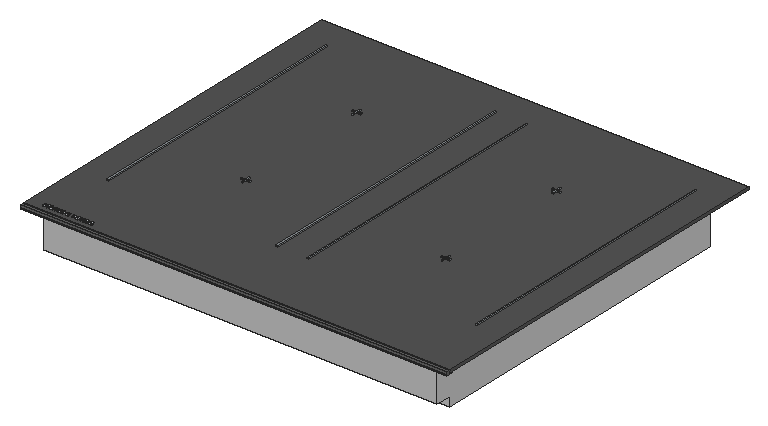
Revit family "FP_Revit_18_CI244DTB4_Cooktop_90000838A", category Specialty Equipment, Revit 2018
Family settings
  Round Connector Dimension = Use Diameter
  Part Type = Normal
  OmniClass Number = 23.40.40.14.17.11
  OmniClass Title = Cookers, Ovens, Stoves
  Work Plane-Based = No
  Always vertical = Yes
  Cut with Voids When Loaded = Yes
  Shared = No
  Room Calculation Point = No
Parameters
  Visibility - Clearance Required = yes
  URL = "www.fisherpaykel.com"
  Product - Width = 599 mm  # constant formula
  Product - Height = 99 mm  # constant formula
  Product - Depth = 530 mm  # constant formula
  Model = "CI244DTB4"
  Material - Trim = Fisher & Paykel - Aluminium, Dark
  Material - Graphics = Fisher & Paykel - Graphics Grey
  Material - Cooktop = Fisher & Paykel - Glass, Black
  Material - Body = Fisher & Paykel - Grey
  Manufacturer = "Fisher & Paykel Appliances"
  FFL Offset [instance] = 915 mm
  Description = "24\" Induction Cooktop"
  Connector Note - Electrical = "208 or 240 V, 26 A or 30 A, 60 Hz,"
  Clearance - Side Combustible = 30 mm  # constant formula
  Clearance - Rear Combustible = 30 mm  # constant formula
  Clearance - Overhead Rangehood = 650 mm  # constant formula
  Clearance - Overhead Non-Combustible = 610 mm  # constant formula
  Clearance - Overhead Combustible = 762 mm  # constant formula
  Clearance - Below = 65 mm  # constant formula
  Chassis - Width = 552 mm  # constant formula
  Chassis - Height = 62 mm  # constant formula
  Chassis - Depth = 480 mm  # constant formula
  Cavity - Width = 560 mm  # constant formula
  Cavity - Height = 62 mm  # constant formula
  Cavity - Depth = 490 mm  # constant formula
Reference planes
  plane 1 "Datum": y = 0
  plane 2: z = 0
  plane 3 "Center (Left/Right)": x = 0
  plane 4 "Product LHS": x = -299.5
  plane 5 "Product RHS": x = 299.5
  plane 6 "Product - Depth": y = 530
  plane 7 "Cavity LHS": x = -280
  plane 8 "Cavity RHS": x = 280
  plane 9 "Chassis - Front": y = 12.2
  plane 10 "Cavity - Front": y = 7.2
  plane 11 "Cavity - Depth": y = 497.2
  plane 12 "Chassis - Depth": y = 492.2
  plane 13 "Basepan": z = 853
  plane 14 "Countertop": z = 915
  plane 15 "Glass": z = 920
Forms (mm)
  Extrusion 1, solid, material "Fisher & Paykel - Glass, Black" <- "Material - Cooktop"
    sketch origin (0, 0, 0) x (0, 1, 0) y (0, 0, 1)
      loop
        line (5.299, 920) -> (5.299, 916) -> (530, 916) -> (530, 920) -> (5.299, 920)
    from -299.5 to 299.5
  Extrusion 2, solid, material "Fisher & Paykel - Aluminium, Dark" <- "Material - Trim", detail levels fine
    sketch origin (0, 0, 0) x (0, 1, 0) y (0, 0, 1)
      loop
        line (5.299, 920) -> (0.45, 920) -> (0, 916.5) -> (0, 915) -> (8.39, 915) -> (8.39, 916) -> (5.299, 916) -> (5.299, 920)
    from -299.5 to 299.5
  Extrusion 3, solid, material "Fisher & Paykel - Clearance Required (Cutout)", visible <- "Visibility - Clearance Required", detail levels coarse
    sketch origin (0, 0, 0) x (1, 0, 0) y (0, 1, 0)
      loop
        line (-280, 497.2) -> (-280, 7.2) -> (280, 7.2) -> (280, 497.2) -> (-280, 497.2)
    from 853 to 915
  Extrusion 4, solid, material "Fisher & Paykel - Aluminium, Dark" <- "Material - Trim", detail levels coarse+medium
    sketch origin (0, 0, 0) x (0, 1, 0) y (0, 0, 1)
      loop
        line (5.299, 920) -> (0, 920) -> (0, 915) -> (5.299, 915) -> (5.299, 920)
    from -299.5 to 299.5
  Extrusion 5, solid, material "Fisher & Paykel - Clearance Required (Combustible)", visible <- "Visibility - Clearance Required", detail levels coarse
    sketch origin (0, 0, 0) x (1, 0, 0) y (0, 1, 0)
      loop
        line (299.5, 0) -> (310, 0) -> (310, 538.387) -> (-310, 538.387) -> (-310, 0) -> (-299.5, 0) -> (-299.5, 530) -> (299.5, 530) -> (299.5, 0)
    from 920 to 1682
  Extrusion 6, solid, material "Fisher & Paykel - Clearance Required (Non-Combustible)", visible <- "Visibility - Clearance Required", detail levels coarse
    sketch origin (0, 0, 0) x (1, 0, 0) y (0, 1, 0)
      loop
        line (-299.5, 0) -> (299.5, 0) -> (299.5, 530) -> (-299.5, 530) -> (-299.5, 0)
    from 920 to 1530
  Extrusion 7, solid, material "Fisher & Paykel - Clearance Required (Rangehood)", visible <- "Visibility - Clearance Required", detail levels coarse
    sketch origin (0, 0, 0) x (1, 0, 0) y (0, 1, 0)
      loop
        line (-299.5, 530) -> (-299.5, 0) -> (299.5, 0) -> (299.5, 530) -> (-299.5, 530)
    from 1530 to 1570
  Extrusion 8, solid, material "Fisher & Paykel - Clearance Required", visible <- "Visibility - Clearance Required", detail levels coarse
    sketch origin (0, 0, 0) x (1, 0, 0) y (0, 1, 0)
      loop
        line (-280, 7.2) -> (280, 7.2) -> (280, 497.2) -> (-280, 497.2) -> (-280, 7.2)
    from 788 to 853
  Extrusion 9, solid, material "Fisher & Paykel - Grey" <- "Material - Body"
    sketch origin (0, 0, 0) x (0, 1, 0) y (0, 0, 1)
      loop
        line (34.2, 865.8) -> (34.2, 853) -> (492.2, 853) -> (492.2, 915) -> (12.2, 915) -> (12.2, 865.8) -> (34.2, 865.8)
    from -276 to 276
  Extrusion 10, solid, material "Fisher & Paykel - Grey" <- "Material - Body"
    sketch origin (0, 0, 0) x (1, 0, 0) y (0, 1, 0)
      loop
        line (-290, 520.2) -> (-290, 8.39) -> (290, 8.39) -> (290, 520.2) -> (-290, 520.2)
    from 915 to 916
  Extrusion 11, solid, material "Fisher & Paykel - Graphics Grey" <- "Material - Graphics", detail levels fine
    sketch origin (0, 0, 0) x (1, 0, 0) y (0, 1, 0)
      loop
        line (-260.343, 487.163) -> (-260.343, 103.245) -> (-258.143, 103.245) -> (-258.143, 487.163) -> (-260.343, 487.163)
      loop
        line (257.988, 487.432) -> (257.988, 103.245) -> (260.188, 103.245) -> (260.188, 487.432) -> (257.988, 487.432)
      loop
        line (22.728, 103.245) -> (22.728, 487.432) -> (20.728, 487.432) -> (20.728, 103.245) -> (22.728, 103.245)
      loop
        line (-20.643, 487.432) -> (-22.842, 487.432) -> (-22.842, 103.245) -> (-20.643, 103.245) -> (-20.643, 487.432)
      loop
        line (-141.406, 397.825) -> (-141.406, 392.659) -> (-146.572, 392.659) -> (-146.572, 390.691) -> (-141.406, 390.691) -> (-141.406, 385.525) -> (-139.438, 385.525) -> (-139.438, 390.691) -> (-134.272, 390.691) -> (-134.272, 392.659) -> (-139.438, 392.659) -> (-139.438, 397.825) -> (-141.406, 397.825)
      loop
        line (-141.406, 203.81) -> (-141.406, 198.644) -> (-146.572, 198.644) -> (-146.572, 196.676) -> (-141.406, 196.676) -> (-141.406, 191.51) -> (-139.438, 191.51) -> (-139.438, 196.676) -> (-134.272, 196.676) -> (-134.272, 198.644) -> (-139.438, 198.644) -> (-139.438, 203.81) -> (-141.406, 203.81)
      loop
        line (141.406, 397.825) -> (139.438, 397.825) -> (139.438, 392.659) -> (134.272, 392.659) -> (134.272, 390.691) -> (139.438, 390.691) -> (139.438, 385.525) -> (141.406, 385.525) -> (141.406, 390.691) -> (146.572, 390.691) -> (146.572, 392.659) -> (141.406, 392.659) -> (141.406, 397.825)
      loop
        line (141.406, 203.81) -> (139.438, 203.81) -> (139.438, 198.644) -> (134.272, 198.644) -> (134.272, 196.676) -> (139.438, 196.676) -> (139.438, 191.51) -> (141.406, 191.51) -> (141.406, 196.676) -> (146.572, 196.676) -> (146.572, 198.644) -> (141.406, 198.644) -> (141.406, 203.81)
    from 920 to 921
  Extrusion 12, solid, material "Fisher & Paykel - Clearance Required (Combustible)", visible <- "Visibility - Clearance Required", detail levels coarse
    sketch origin (0, 0, 0) x (1, 0, 0) y (0, 1, 0)
      loop
        line (-299.5, 530) -> (-299.5, 0) -> (299.5, 0) -> (299.5, 530) -> (-299.5, 530)
    from 1570 to 1682
  Extrusion 13, void
    sketch origin (0, 0, 0) x (1, 0, 0) y (0, 1, 0)
      loop
        line (-280, 7.2) -> (280, 7.2) -> (280, 497.2) -> (-280, 497.2) -> (-280, 7.2)
    from 788 to 915
Text (mm)
  text "Due to ongoing product development, product details are subject to change without notice. \nPlease always refer to www.fisherpaykel.com for the most current product information. \n© Fisher & Paykel 2020" at (41.04, -387.478, 0), in view "Ref. Level (Plan)"
Dimensions and locks
  equal spacing: plane 4 "Product LHS", plane 3 "Center (Left/Right)", plane 5 "Product RHS"
  "Product - Width": plane 4 "Product LHS" to plane 5 "Product RHS"
  equal spacing: plane 7 "Cavity LHS", plane 3 "Center (Left/Right)", plane 8 "Cavity RHS"
  "Cavity - Width": plane 7 "Cavity LHS" to plane 8 "Cavity RHS"
  "Product - Depth": Extrusion 1 to plane 1 "Datum"
  equal spacing: Extrusion 9, plane 3 "Center (Left/Right)", Extrusion 9
  "Chassis - Width": Extrusion 9 to Extrusion 9
  "Clearance - Side Combustible": plane 8 "Cavity RHS" to Extrusion 5
  "Clearance - Side Combustible": Extrusion 5 to plane 7 "Cavity LHS"
  plane 1 "Datum" to plane 9 "Chassis - Front" = 12.2 mm
  plane 10 "Cavity - Front" to plane 9 "Chassis - Front" = 5 mm
  "Cavity - Depth": plane 11 "Cavity - Depth" to plane 10 "Cavity - Front"
  "Chassis - Depth": plane 12 "Chassis - Depth" to plane 9 "Chassis - Front"
  equal spacing: Extrusion 10 sketch curve, plane 3 "Center (Left/Right)", Extrusion 10 sketch curve
  plane 4 "Product LHS" to Extrusion 10 sketch curve = 9.5 mm
  locked: plane 15 "Glass" to plane 14 "Countertop" at 5
  "Chassis - Height": plane 14 "Countertop" to plane 13 "Basepan"
  "FFL Offset": plane 14 "Countertop" to level
  "Clearance - Overhead Non-Combustible": plane 15 "Glass" to Extrusion 7
  "Clearance - Overhead Rangehood": Extrusion 7 to plane 15 "Glass"
  "Clearance - Overhead Combustible": Extrusion 5 to plane 15 "Glass"
  "Cavity - Height": plane 14 "Countertop" to Extrusion 8
  "Clearance - Below": Extrusion 8 to Extrusion 8
  locked: Extrusion 1 sketch curve to plane 14 "Countertop" at 1
  locked: Extrusion 11 to plane 15 "Glass" at 1
  locked: plane 13 "Basepan" to nested 2 at 13
  locked: nested 1 to plane 15 "Glass" at 0.8
  aligned and locked: level to plane 2
  aligned and locked: Extrusion 1 to plane 5 "Product RHS"
  aligned and locked: Extrusion 1 to plane 4 "Product LHS"
  aligned and locked: Extrusion 2 to plane 5 "Product RHS"
  aligned and locked: Extrusion 7 to Extrusion 6
  aligned and locked: plane 4 "Product LHS" to Extrusion 4
  aligned and locked: Extrusion 4 to plane 5 "Product RHS"
  aligned and locked: Extrusion 4 to Extrusion 1
  aligned and locked: Extrusion 1 to Extrusion 4  (x2)
  aligned and locked: Extrusion 5 sketch curve to plane 5 "Product RHS"
  aligned and locked: plane 11 "Cavity - Depth" to Extrusion 3
  aligned and locked: Extrusion 3 to Extrusion 8
  aligned and locked: Extrusion 8 to Extrusion 3  (x2)
  aligned and locked: plane 10 "Cavity - Front" to Extrusion 8
  aligned and locked: plane 4 "Product LHS" to Extrusion 2
  aligned and locked: Extrusion 6 to plane 15 "Glass"
  aligned and locked: Extrusion 5 to Extrusion 6
  aligned and locked: Extrusion 12 to Extrusion 7
  aligned and locked: Extrusion 5 to Extrusion 12
  aligned and locked: plane 14 "Countertop" to Extrusion 3
  aligned and locked: plane 14 "Countertop" to Extrusion 9 sketch curve
  aligned and locked: Extrusion 9 sketch curve to plane 13 "Basepan"
  aligned and locked: Extrusion 1 sketch curve to plane 15 "Glass"
  aligned and locked: Extrusion 11 to Extrusion 1
  aligned and locked: Extrusion 10 to Extrusion 1
  aligned and locked: Extrusion 10 to Extrusion 3
  aligned and locked: Extrusion 4 to Extrusion 2
  aligned and locked: Extrusion 2 to Extrusion 1
  aligned and locked: Extrusion 2 to Extrusion 3
  aligned and locked: Extrusion 1 to Extrusion 2
  aligned and locked: Extrusion 13 to Extrusion 3
  aligned and locked: Extrusion 13 to Extrusion 8
Automatic sketch dimensions
  Extrusion 1 sketch curve to plane 6 "Product - Depth" = 0 mm
  plane 10 "Cavity - Front" to Extrusion 1 sketch curve = 1.901 mm
  Extrusion 2 sketch curve to plane 1 "Datum" = 0 mm
  Extrusion 2 sketch curve to plane 15 "Glass" = 0 mm
  Extrusion 2 sketch curve to plane 14 "Countertop" = 0 mm
  Extrusion 2 sketch curve to plane 1 "Datum" = 0.45 mm
  plane 10 "Cavity - Front" to Extrusion 2 sketch curve = 1.901 mm
  Extrusion 2 sketch curve to plane 10 "Cavity - Front" = 1.19 mm
  Extrusion 2 sketch curve to Extrusion 2 sketch curve = 1 mm
  Extrusion 2 sketch curve to Extrusion 2 sketch curve = 1.5 mm
  plane 10 "Cavity - Front" to Extrusion 3 sketch curve = 0 mm
  Extrusion 3 sketch curve to plane 11 "Cavity - Depth" = 0 mm
  plane 7 "Cavity LHS" to Extrusion 3 sketch curve = 0 mm
  Extrusion 3 sketch curve to plane 8 "Cavity RHS" = 0 mm
  Extrusion 4 sketch curve to plane 1 "Datum" = 0 mm
  Extrusion 4 sketch curve to plane 14 "Countertop" = 0 mm
  Extrusion 4 sketch curve to plane 15 "Glass" = 0 mm
  plane 10 "Cavity - Front" to Extrusion 4 sketch curve = 1.901 mm
  plane 1 "Datum" to Extrusion 5 sketch curve = 0 mm  (x2)
  Extrusion 5 sketch curve to plane 4 "Product LHS" = 0 mm
  Extrusion 5 sketch curve to plane 6 "Product - Depth" = 0 mm
  plane 4 "Product LHS" to Extrusion 5 sketch curve = 10.5 mm
  Extrusion 5 sketch curve to plane 5 "Product RHS" = 10.5 mm
  plane 6 "Product - Depth" to Extrusion 5 sketch curve = 8.387 mm
  Extrusion 6 sketch curve to plane 4 "Product LHS" = 0 mm
  Extrusion 6 sketch curve to plane 5 "Product RHS" = 0 mm
  plane 1 "Datum" to Extrusion 6 sketch curve = 0 mm
  Extrusion 6 sketch curve to plane 6 "Product - Depth" = 0 mm
  plane 1 "Datum" to Extrusion 7 sketch curve = 0 mm
  Extrusion 7 sketch curve to plane 4 "Product LHS" = 0 mm
  Extrusion 7 sketch curve to plane 5 "Product RHS" = 0 mm
  Extrusion 7 sketch curve to plane 6 "Product - Depth" = 0 mm
  Extrusion 8 sketch curve to plane 11 "Cavity - Depth" = 0 mm
  plane 10 "Cavity - Front" to Extrusion 8 sketch curve = 0 mm
  plane 7 "Cavity LHS" to Extrusion 8 sketch curve = 0 mm
  Extrusion 8 sketch curve to plane 8 "Cavity RHS" = 0 mm
  Extrusion 9 sketch curve to plane 9 "Chassis - Front" = 0 mm
  Extrusion 9 sketch curve to plane 12 "Chassis - Depth" = 0 mm
  Extrusion 9 sketch curve to plane 9 "Chassis - Front" = 22 mm
  Extrusion 9 sketch curve to Extrusion 9 sketch curve = 12.8 mm
  Extrusion 10 sketch curve to plane 10 "Cavity - Front" = 1.19 mm
  Extrusion 10 sketch curve to plane 6 "Product - Depth" = 9.8 mm
  Extrusion 11 sketch curve to plane 7 "Cavity LHS" = 19.657 mm
  Extrusion 11 sketch curve to Extrusion 11 sketch curve = 2.2 mm  (x3)
  Extrusion 11 sketch curve to plane 7 "Cavity LHS" = 133.428 mm  (x2)
  Extrusion 11 sketch curve to Extrusion 11 sketch curve = 5.166 mm  (x16)
  Extrusion 11 sketch curve to Extrusion 11 sketch curve = 0 mm  (x10)
  Extrusion 11 sketch curve to Extrusion 11 sketch curve = 1.968 mm  (x15)
  Extrusion 11 sketch curve to plane 12 "Chassis - Depth" = 4.768 mm  (x3)
  Extrusion 11 sketch curve to plane 3 "Center (Left/Right)" = 22.842 mm
  plane 3 "Center (Left/Right)" to Extrusion 11 sketch curve = 20.728 mm
  Extrusion 11 sketch curve to Extrusion 11 sketch curve = 2 mm
  plane 3 "Center (Left/Right)" to Extrusion 11 sketch curve = 134.272 mm  (x2)
  plane 8 "Cavity RHS" to Extrusion 11 sketch curve = 22.012 mm
  Extrusion 11 sketch curve to plane 12 "Chassis - Depth" = 5.037 mm
  Extrusion 11 sketch curve to plane 12 "Chassis - Depth" = 94.375 mm  (x2)
  Extrusion 11 sketch curve to Extrusion 11 sketch curve = 181.715 mm  (x2)
  Extrusion 11 sketch curve to plane 9 "Chassis - Front" = 91.045 mm  (x3)
  plane 1 "Datum" to Extrusion 12 sketch curve = 0 mm
  Extrusion 12 sketch curve to plane 4 "Product LHS" = 0 mm
  Extrusion 12 sketch curve to plane 5 "Product RHS" = 0 mm
  Extrusion 12 sketch curve to plane 6 "Product - Depth" = 0 mm
  Extrusion 13 sketch curve to plane 11 "Cavity - Depth" = 0 mm
  plane 10 "Cavity - Front" to Extrusion 13 sketch curve = 0 mm
  plane 7 "Cavity LHS" to Extrusion 13 sketch curve = 0 mm
  Extrusion 13 sketch curve to plane 8 "Cavity RHS" = 0 mm
Nested families
  nested 1: "F&P Logo 70mm Horizontal" at (-244.001, 14.253, 920), type "F&P Logo 70mm Horizontal"
  nested 2: "F&P Power Connection Cooktop" at (202.001, 168.301, 915) x (0.7071, -0.7071, 0) z (0, 0, 1), type "F&P Power Connection Cooktop"
Connectors
  electrical at (124.869, 147.737, 832.8), driven by "Connector Note - Electrical"
    settings: on nested 2, index 2, voltage 120 V, apparent load 0 VA, apparent load phase1 0 VA, apparent load phase2 0 VA, apparent load phase3 0 VA, power factor 1, load classification "Other", number of poles 2, system type 30, power factor state 1, is connector primary yes, connector utility no, sub classification motor no, connector description "208 or 240 V, 26 A or 30 A, 60 Hz,"
Definition of nested family "F&P Logo 70mm Horizontal"
  Parameters (values of type "F&P Logo 70mm Horizontal")
    URL = "www.fisherpaykel.com"
    Material - Logo = none
    Manufacturer = "Fisher & Paykel Appliances"
  Reference planes
    plane 1 "Center (Front/Back)": y = 0
    plane 2: z = 0
    plane 3 "Center (Left/Right)": x = 0
  Forms (mm)
    Extrusion 1, solid, material <- "Material - Logo", detail levels fine
      sketch origin (0, 0, 0) x (1, 0, 0) y (0, 1, 0)
        loop
          line (-34.997, -0.356) -> (-33.895, -0.356) -> (-33.895, 1.141) -> (-32.174, 1.141) -> (-32.174, 2.075) -> (-33.895, 2.075) -> (-33.895, 2.943) -> (-32.023, 2.943) -> (-32.023, 3.872) -> (-34.997, 3.872) -> (-34.997, -0.356)
        loop
          line (-29.929, 3.872) -> (-29.929, -0.356) -> (-28.828, -0.356) -> (-28.828, 3.872) -> (-29.929, 3.872)
        loop
          line (-21.473, 3.872) -> (-21.473, -0.356) -> (-20.372, -0.356) -> (-20.372, 1.338) -> (-18.754, 1.338) -> (-18.754, -0.356) -> (-17.652, -0.356) -> (-17.652, 3.872) -> (-18.754, 3.872) -> (-18.754, 2.268) -> (-20.372, 2.268) -> (-20.372, 3.872) -> (-21.473, 3.872)
        loop
          line (-15.301, 3.872) -> (-15.301, -0.356) -> (-12.288, -0.356) -> (-12.288, 0.444) -> (-14.209, 0.444) -> (-14.209, 1.338) -> (-12.453, 1.338) -> (-12.453, 2.268) -> (-14.209, 2.268) -> (-14.209, 3.072) -> (-12.288, 3.072) -> (-12.288, 3.872) -> (-15.301, 3.872)
        loop
          line (32, 3.872) -> (32, -0.356) -> (35.003, -0.356) -> (35.003, 0.574) -> (33.102, 0.574) -> (33.102, 3.872) -> (32, 3.872)
        loop
          line (29.735, 3.872) -> (26.712, 3.872) -> (26.712, -0.356) -> (29.735, -0.356) -> (29.735, 0.444) -> (27.814, 0.444) -> (27.814, 1.338) -> (29.57, 1.338) -> (29.57, 2.268) -> (27.814, 2.268) -> (27.814, 3.072) -> (29.735, 3.072) -> (29.735, 3.872)
        loop
          line (23.449, 1.848) -> (25.012, 3.872) -> (23.724, 3.872) -> (22.374, 2.124) -> (22.374, 3.872) -> (21.273, 3.872) -> (21.273, -0.356) -> (22.374, -0.356) -> (22.374, 1.538) -> (23.765, -0.356) -> (25.067, -0.356) -> (23.449, 1.848)
        loop
          line (15.42, 3.872) -> (17.017, 1.338) -> (17.017, -0.356) -> (18.119, -0.356) -> (18.119, 1.283) -> (19.717, 3.872) -> (18.546, 3.872) -> (17.603, 2.239) -> (16.66, 3.872) -> (15.42, 3.872)
        loop
          line (12.969, 3.872) -> (11.922, 3.872) -> (10.2, -0.356) -> (11.282, -0.356) -> (11.585, 0.422) -> (13.278, 0.422) -> (13.581, -0.356) -> (14.69, -0.356) -> (12.969, 3.872)
        loop
          line (12.913, 1.352) -> (12.419, 2.566) -> (11.946, 1.352) -> (12.913, 1.352)
        loop
          line (5.556, 3.872) -> (5.556, -0.356) -> (6.653, -0.356) -> (6.653, 1.001) -> (7.453, 1.001)
          spline (7.453, 1.001) -> (7.884, 1.05) -> (8.285, 1.193) -> (8.63, 1.421) -> (8.895, 1.719) -> (9.061, 2.065) -> (9.118, 2.436) -> (9.061, 2.808) -> (8.895, 3.154) -> (8.63, 3.452) -> (8.285, 3.68) -> (7.884, 3.823) -> (7.453, 3.872)
          line (7.453, 3.872) -> (5.556, 3.872)
        loop
          spline (7.385, 1.882) -> (7.558, 1.9) -> (7.72, 1.953) -> (7.858, 2.037) -> (7.965, 2.147) -> (8.032, 2.275) -> (8.055, 2.412) -> (8.032, 2.55) -> (7.965, 2.677) -> (7.858, 2.787) -> (7.72, 2.872) -> (7.558, 2.924) -> (7.385, 2.943)
          line (7.385, 2.943) -> (6.585, 2.943) -> (6.585, 1.882) -> (7.385, 1.882)
        loop
          line (-8.294, 2.943) -> (-9.094, 2.943) -> (-9.094, 1.781) -> (-8.294, 1.781)
          spline (-8.294, 1.781) -> (-8.121, 1.801) -> (-7.96, 1.859) -> (-7.822, 1.951) -> (-7.716, 2.072) -> (-7.649, 2.212) -> (-7.626, 2.362) -> (-7.649, 2.512) -> (-7.716, 2.652) -> (-7.822, 2.772) -> (-7.96, 2.865) -> (-8.121, 2.923) -> (-8.294, 2.943)
        loop
          line (-8.214, 3.872) -> (-10.262, 3.872) -> (-10.262, -0.356) -> (-9.094, -0.356) -> (-9.094, 0.492) -> (-8.294, 0.492) -> (-7.647, -0.356) -> (-6.373, -0.356) -> (-7.445, 1.016)
          spline (-7.445, 1.016) -> (-7.148, 1.205) -> (-6.902, 1.45) -> (-6.72, 1.739) -> (-6.611, 2.058) -> (-6.58, 2.391) -> (-6.628, 2.723) -> (-6.754, 3.037) -> (-6.95, 3.317) -> (-7.208, 3.551) -> (-7.515, 3.726) -> (-7.856, 3.835) -> (-8.214, 3.872)
        loop
          line (0.368, 2.943) -> (0.368, 3.951) -> (-2.559, 3.951) -> (-2.559, 3.151) -> (-2.048, 2.522)
          spline (-2.048, 2.522) -> (-2.373, 2.187) -> (-2.606, 1.789) -> (-2.731, 1.355) -> (-2.74, 0.914) -> (-2.632, 0.497) -> (-2.414, 0.133) -> (-2.102, -0.155) -> (-1.716, -0.347) -> (-1.283, -0.429) -> (-0.832, -0.395) -> (-0.395, -0.249) -> (0, 0)
          line (0, 0) -> (0.504, -0.621) -> (1.644, -0.621) -> (0.602, 0.712) -> (1.591, 2.137) -> (0.459, 2.137) -> (0.003, 1.48) -> (-1.14, 2.943) -> (0.368, 2.943)
        loop
          spline (-1.353, 1.874) -> (-1.563, 1.673) -> (-1.729, 1.449) -> (-1.839, 1.217) -> (-1.886, 0.992) -> (-1.867, 0.792) -> (-1.783, 0.627) -> (-1.639, 0.511) -> (-1.447, 0.451) -> (-1.218, 0.451) -> (-0.968, 0.512) -> (-0.714, 0.628) -> (-0.475, 0.792)
          line (-0.475, 0.792) -> (-1.353, 1.874)
        loop
          arc (-25.449, 3.004) -> (-24.591, 2.949) -> (-23.808, 2.592) r 2.379
          line (-23.808, 2.592) -> (-23.808, 3.586)
          arc (-23.808, 3.586) -> (-24.619, 3.915) -> (-25.494, 3.936) r 2.437
          arc (-25.494, 3.936) -> (-26.617, 2.99) -> (-26.18, 1.588) r 1.327
          arc (-26.18, 1.588) -> (-25.746, 1.367) -> (-25.276, 1.236) r 2.46
          spline (-25.276, 1.236) -> (-25.124, 1.211) -> (-24.98, 1.158) -> (-24.856, 1.083) -> (-24.761, 0.989) -> (-24.703, 0.886) -> (-24.686, 0.78) -> (-24.713, 0.681) -> (-24.78, 0.596) -> (-24.882, 0.532) -> (-25.011, 0.494) -> (-25.158, 0.485) -> (-25.311, 0.505)
          arc (-25.311, 0.505) -> (-26.045, 0.647) -> (-26.714, 0.98) r 2.761
          line (-26.714, 0.98) -> (-26.714, -0.067)
          arc (-26.714, -0.067) -> (-25.66, -0.377) -> (-24.564, -0.318) r 3.237
          arc (-24.564, -0.318) -> (-23.597, 0.72) -> (-24.205, 2.002) r 1.263
          arc (-24.205, 2.002) -> (-24.834, 2.249) -> (-25.488, 2.42) r 5.78
          spline (-25.488, 2.42) -> (-25.537, 2.449) -> (-25.58, 2.49) -> (-25.615, 2.541) -> (-25.639, 2.6) -> (-25.653, 2.664) -> (-25.654, 2.73) -> (-25.644, 2.795) -> (-25.622, 2.856) -> (-25.59, 2.909) -> (-25.549, 2.953) -> (-25.502, 2.985) -> (-25.449, 3.004)
      from 0 to 0.8
  Dimensions and locks
    Extrusion 1 sketch curve to Extrusion 1 sketch curve = 70 mm
    aligned and locked: level to plane 2
Definition of nested family "F&P Power Connection Cooktop"
  Parameters (values of type "F&P Power Connection Cooktop")
    URL = "www.fisherpaykel.com"
    Model = ""
    Material - Body = none
    Manufacturer = "Fisher & Paykel Appliances"
    Description = ""
  Reference planes
    plane 1 "Center (Front/Back)": y = 0
    plane 2: z = 0
    plane 3 "Center (Left/Right)": x = 0
  Forms (mm)
    Extrusion 1, solid, material <- "Material - Body"
      sketch origin (-399.3, -461.987, 0) x (1, 0, 0) y (0, 1, 0)
        loop
          line (371.3, 470.923) -> (371.3, 477.382)
          arc (371.3, 477.382) -> (365.3, 483.382) -> (359.3, 477.382) r 6
          line (359.3, 477.382) -> (359.3, 470.923) -> (371.3, 470.923)
        loop
          circle (365.3, 477.382) r 2
        loop
          line (371.3, 453.05) -> (359.3, 453.05) -> (359.3, 446.592)
          arc (359.3, 446.592) -> (365.3, 440.592) -> (371.3, 446.592) r 6
          line (371.3, 446.592) -> (371.3, 453.05)
        loop
          circle (365.3, 446.592) r 2
      from -85 to -75
    Revolve 2, solid, material <- "Material - Body"
      sketch origin (-399.3, 0, 0) x (1, 0, 0) y (0, 0, 1)
        loop
          line (359.3, -70.404) -> (359.3, -82.2) -> (411.196, -82.2)
          arc (411.196, -82.2) -> (407.741, -73.859) -> (399.4, -70.404) r 11.796
          line (399.4, -70.404) -> (359.3, -70.404)
        axis (359.3, -82.2) -> (411.196, -82.2)
      angle from 0 to 360
    Revolve 3, solid, material <- "Material - Body"
      sketch origin (-399.3, 0, 0) x (1, 0, 0) y (0, 0, 1)
        loop
          line (410.3, -62) -> (399.3, -62) -> (399.3, -82.2) -> (410.3, -82.2) -> (410.3, -62)
        axis (399.3, -62) -> (399.3, -82.2)
      angle from 0 to 360
    Sweep 4, solid, material <- "Material - Body"
      path origin (-399.3, -461.987, 0) x (1, 0, 0) y (0, 1, 0)
        loop
          line (359.3, 392.906) -> (280.841, 392.906)
          arc (280.841, 392.906) -> (222.158, 372.738) -> (188.271, 320.757) r 95.459
          arc (188.271, 320.757) -> (14.034, 258.449) -> (22.747, 443.286) r 111.355
          arc (22.747, 443.286) -> (55.057, 457.224) -> (89.922, 461.987) r 130
          line (89.922, 461.987) -> (359.3, 461.987)
      profile origin (-174.689, 0, 0) x (0, 1, 0) y (0, 0, 1)
        loop
          circle (0, -82.2) r 11
    Extrusion 5, solid, material <- "Material - Body", detail levels medium+fine
      sketch origin (-170.063, -461.987, 0) x (0, 1, 0) y (0, 0, 1)
        loop
          circle (392.954, -77.981) r 3
        loop
          circle (388.579, -82.669) r 3
        loop
          circle (397.329, -82.669) r 3
        loop
          circle (392.954, -87.356) r 3
      from 160 to 130.063
  Cuts and joins
    joined: Extrusion 1, Revolve 2, Revolve 3
  Text (mm)
    text "Due to ongoing product development, product details are subject to change without notice. \nPlease always refer to www.fisherpaykel.com for the most current product information. \n© Fisher & Paykel 2020" at (41.04, -387.478, 0), in view "Ref. Level (Plan)"
  Dimensions and locks
    aligned and locked: level to plane 2
